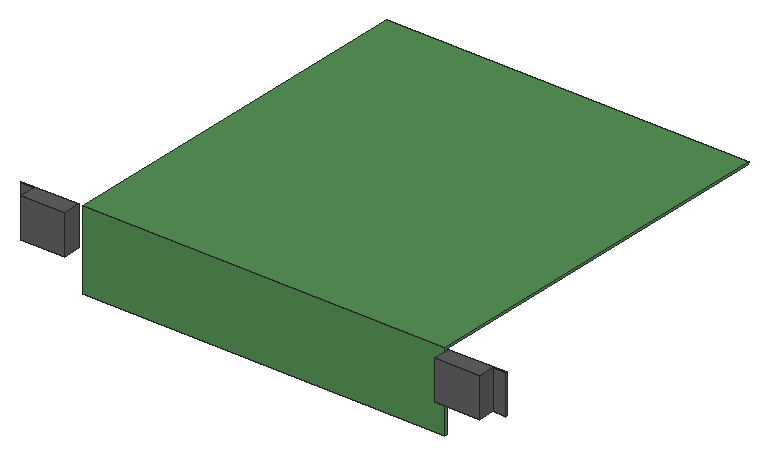
Revit family "HHC", category Specialty Equipment, host Floor, Revit 2015
Parameters (values of type "7x8")
  URL = "http://kelleyentrematic.com/"
  Model = "HHC"
  Manufacturer = "Kelley Entrematic"
  Description = "Hydraulic Heavy Capacity Leveler"
  LipExtension = 0' - 0"
  PitWidth = 7' - 1"
  PitLength = 7' - 3"
  PitDepthR = PitDepth - 0' 0 1/2"  # 1' - 11 1/2"
  PitDepth = 2' - 0"
  LipLength = 1' - 6"
  Curb = 0' - 3"
  Capacity = "60/80k"
Types (24): name | LipExtension | PitWidth | PitLength
  6x6 | 0' - 0" | 6' - 1" | 5' - 3"
  6x8 | 0' - 0" | 6' - 1" | 7' - 3"
  6.5x6 | 0' - 0" | 6' - 7" | 5' - 3"
  6.5x8 | 0' - 0" | 6' - 7" | 7' - 3"
  7x6 | 0' - 0" | 7' - 1" | 5' - 3"
  7x8 | 0' - 0" | 7' - 1" | 7' - 3"
  6x10 | 0' - 0" | 6' - 1" | 9' - 3"
  6.5x10 | 0' - 0" | 6' - 7" | 9' - 3"
  7x10 | 0' - 0" | 7' - 1" | 9' - 3"
  6x10 Barrier Lip | 0' - 5" | 6' - 1" | 9' - 3"
  6.5x10 Barrier Lip | 0' - 5" | 6' - 7" | 9' - 3"
  7x10 Barrier Lip | 0' - 5" | 7' - 1" | 9' - 3"
  6x6 Barrier Lip | 0' - 5" | 6' - 1" | 5' - 3"
  6.5x6 Barrier Lip | 0' - 5" | 6' - 7" | 5' - 3"
  7x6 Barrier Lip | 0' - 5" | 7' - 1" | 5' - 3"
  6x8 Barrier Lip | 0' - 5" | 6' - 1" | 7' - 3"
  6.5x8 Barrier Lip | 0' - 5" | 6' - 7" | 7' - 3"
  7x8 Barrier Lip | 0' - 5" | 7' - 1" | 7' - 3"
  6.5x12 | 0' - 0" | 6' - 7" | 11' - 3"
  6.5x12 Barrier Lip | 0' - 0" | 6' - 7" | 11' - 3"
  6x12 | 0' - 0" | 6' - 1" | 11' - 3"
  6x12 Barrier Lip | 0' - 5" | 6' - 1" | 11' - 3"
  7x12 | 0' - 0" | 7' - 1" | 11' - 3"
  7x12 Barrier Lip | 0' - 5" | 7' - 1" | 11' - 3"
Reference planes (in)
  plane 1 "Center (Front/Back)": y = 0
  plane 2: z = 0
  plane 3 "Center (Left/Right)": x = 0
  plane 4 "Lip Width": y = -59.5
  plane 5 "pit right": x = 42.5
  plane 6 "Pit left": x = -42.5
  plane 7 "pit rear": y = 27
  plane 8 "curb angle left": x = -45.5
  plane 9: x = -41.5
  plane 10 "curb angle right": x = 45.5
  plane 11: x = 41.5
  plane 12 "curb angle rear": y = 30
  plane 13 "Curb angle - Front": y = -57
  plane 14 "Edge of Dock": y = -60
  plane 15: z = -0.5
  plane 16: z = -23.5
  plane 17: z = -24
  plane 18: y = 15
  plane 19: y = -48
  plane 20 "Lip Length": z = -18
  plane 21: x = 63.5
  plane 22: x = -63.5
  plane 23: z = -3
  plane 24: z = -27
  plane 25: z = 0
  plane 26: z = 0
  plane 27: z = -12
  plane 28: x = 14
  plane 29: x = -52.625
  plane 30: x = -55.625
  plane 31: y = -60.25
  plane 32: y = -64
  plane 33: x = 52.625
  plane 34: x = 55.625
  plane 35: z = -9
Forms (in)
  Extrusion 1, void
    sketch origin (0, 0, 0) x (0, 1, 0) y (0, 0, 1)
      loop
        line (27, 0) -> (-60, 0) -> (-60, -24) -> (-48, -24) -> (15, -23.5) -> (27, -23.5) -> (27, 0)
    from -42.5 to 42.5
  Extrusion 2, solid, material "Kelley Diamond"
    sketch origin (0, 0, 0) x (1, 0, 0) y (0, 1, 0)
      loop
        line (-41.5, 27) -> (-41.5, -60) -> (41.5, -60) -> (41.5, 27) -> (-41.5, 27)
    from -0.5 to 0
  Extrusion 3, solid, material "Kelley Diamond"
    sketch origin (0, 0, 0) x (1, 0, 0) y (0, 0, 1)
      loop
        line (-41.5, 0) -> (-41.5, -18) -> (41.5, -18) -> (41.5, 0) -> (-41.5, 0)
    from 59.5 to 60
  Extrusion 4, solid, material "BUMPER"
    sketch origin (0, 0, 0) x (-1, 0, 0) y (0, -1, 0)
      loop
        line (42.5, 60) -> (55.625, 60) -> (55.625, 60.25) -> (52.625, 60.25) -> (52.625, 64) -> (42.5, 64) -> (42.5, 60)
      loop
        line (-42.5, 60) -> (-42.5, 64) -> (-52.625, 64) -> (-52.625, 60.25) -> (-55.625, 60.25) -> (-55.625, 60) -> (-42.5, 60)
    from -9 to 0
Cuts and joins
  joined: Extrusion 2, Extrusion 3
Lines and regions (in)
  model lines
    curve 1: line (-45.5, 30, 0) -> (45.5, 30, 0)
    curve 2: line (45.5, 30, 0) -> (45.5, 27, 0)
    curve 3: line (45.5, 27, 0) -> (-45.5, 27, 0)
    curve 4: line (-45.5, 27, 0) -> (-45.5, 30, 0)
    curve 5: line (-45.5, 27, 0) -> (-45.5, -57, 0)
    curve 6: line (-42.5, -57, 0) -> (-42.5, 27, 0)
    curve 7: line (-42.5, -57, 0) -> (-63.5, -57, 0)
    curve 8: line (-63.5, -57, 0) -> (-63.5, -60, 0)
    curve 9: line (-63.5, -60, 0) -> (-42.5, -60, 0)
    curve 10: line (45.5, 27, 0) -> (45.5, -57, 0)
    curve 11: line (42.5, -57, 0) -> (42.5, 27, 0)
    curve 12: line (42.5, -60, 0) -> (63.5, -60, 0)
    curve 13: line (63.5, -60, 0) -> (63.5, -57, 0)
    curve 14: line (63.5, -57, 0) -> (42.5, -57, 0)
    curve 15: line (-63.5, -60, 0) -> (-63.5, -60, -3)
    curve 16: line (-63.5, -60, -3) -> (-42.5, -60, -3)
    curve 17: line (-42.5, -60, -3) -> (-42.5, -60, 0)
    curve 18: line (-45.5, -60, -3) -> (-45.5, -60, -27)
    curve 19: line (-45.5, -60, -24) -> (-42.5, -60, -24)
    curve 20: line (-45.5, -60, -27) -> (45.5, -60, -27)
    curve 21: line (45.5, -60, -27) -> (45.5, -60, -3)
    curve 22: line (42.5, -60, -24) -> (45.5, -60, -24)
    curve 23: line (42.5, -60, -24) -> (42.5, -60, 0)
    curve 24: line (42.5, -60, -3) -> (63.5, -60, -3)
    curve 25: line (63.5, -60, -3) -> (63.5, -60, 0)
    curve 26: line (-42.5, -60, -3) -> (-42.5, -60, -24)
    curve 27: line (-42.5, -60, -24) -> (42.5, -60, -24)
    curve 28: line (-42.5, -57, 0) -> (-42.5, -60, 0)
    curve 29: line (42.5, -57, 0) -> (42.5, -60, 0)
Dimensions and locks (in)
  equal spacing: host sketch curve, plane 1 "Center (Front/Back)", host sketch curve
  equal spacing: host sketch curve, plane 3 "Center (Left/Right)", host sketch curve
  host sketch curve to host sketch curve = 10' - 0"  (x2)
  equal spacing: plane 6 "Pit left", plane 3 "Center (Left/Right)", plane 5 "pit right"
  "PitWidth": plane 6 "Pit left" to plane 5 "pit right"
  "PitLength": plane 14 "Edge of Dock" to plane 7 "pit rear"
  "Curb": plane 8 "curb angle left" to plane 6 "Pit left"
  locked: plane 6 "Pit left" to plane 9 at 1
  locked: plane 11 to plane 5 "pit right" at 1
  "Curb": plane 5 "pit right" to plane 10 "curb angle right"
  "Curb": plane 7 "pit rear" to plane 12 "curb angle rear"
  "Curb": plane 14 "Edge of Dock" to plane 13 "Curb angle - Front"
  "PitDepthR": level to plane 16
  "PitDepth": level to plane 17
  locked: plane 7 "pit rear" to plane 18 at 12
  locked: plane 19 to plane 14 "Edge of Dock" at 12
  "LipLength": level to plane 20 "Lip Length"
  locked: plane 22 to plane 6 "Pit left" at 21
  locked: plane 5 "pit right" to plane 21 at 21
  "LipExtension": plane 26 to level
  locked: plane 24 to plane 17 at 3
  locked: level to plane 15 at 0.5
  locked: plane 14 "Edge of Dock" to plane 4 "Lip Width" at 0.5
  locked: plane 3 "Center (Left/Right)" to plane 28 at 14
  locked: level to plane 27 at 12
  locked: connector elem to plane 7 "pit rear" at 9
  locked: plane 16 to connector elem at 5
  locked: plane 31 to curve 9 at 0.25
  locked: plane 32 to curve 9 at 4
  locked: plane 29 to plane 6 "Pit left" at 10.125
  locked: plane 30 to plane 6 "Pit left" at 13.125
  locked: plane 5 "pit right" to plane 33 at 10.125
  locked: plane 5 "pit right" to plane 34 at 13.125
  locked: curve 9 to plane 35 at 9
  aligned and locked: level to plane 2
  aligned and locked: plane 14 "Edge of Dock" to host floor
  aligned and locked: plane 19 to Extrusion 1 sketch curve
  aligned and locked: plane 16 to Extrusion 1 sketch curve
  aligned and locked: Extrusion 1 sketch curve to plane 18
  aligned and locked: plane 17 to Extrusion 1 sketch curve
  aligned and locked: Extrusion 1 sketch curve to plane 14 "Edge of Dock"
  aligned and locked: Extrusion 1 to plane 6 "Pit left"
  aligned and locked: Extrusion 1 to plane 5 "pit right"
  aligned and locked: plane 7 "pit rear" to Extrusion 2 sketch curve
  aligned and locked: Extrusion 2 sketch curve to plane 9
  aligned and locked: Extrusion 2 sketch curve to plane 14 "Edge of Dock"
  aligned and locked: Extrusion 2 to plane 15
  aligned and locked: level to Extrusion 2
  aligned and locked: Extrusion 3 sketch curve to Extrusion 2
  aligned and locked: plane 20 "Lip Length" to Extrusion 3 sketch curve
  aligned and locked: Extrusion 3 sketch curve to plane 11
  aligned and locked: Extrusion 3 to plane 14 "Edge of Dock"
  aligned and locked: Extrusion 3 to plane 4 "Lip Width"
  aligned and locked: Extrusion 2 sketch curve to plane 11
  aligned and locked: curve 7 to plane 13 "Curb angle - Front"
  aligned and locked: curve 8 to plane 22
  aligned and locked: curve 5 to plane 8 "curb angle left"
  aligned and locked: plane 6 "Pit left" to curve 6
  aligned and locked: curve 3 to plane 7 "pit rear"
  aligned and locked: plane 12 "curb angle rear" to curve 1
  aligned and locked: curve 2 to plane 10 "curb angle right"
  aligned and locked: plane 5 "pit right" to curve 11
  aligned and locked: curve 10 to plane 10 "curb angle right"
  aligned and locked: curve 14 to plane 13 "Curb angle - Front"
  aligned and locked: plane 14 "Edge of Dock" to curve 12
  aligned and locked: curve 13 to plane 21
  aligned and locked: plane 24 to curve 18
  aligned and locked: curve 16 to plane 23
  aligned and locked: curve 15 to plane 22
  aligned and locked: plane 6 "Pit left" to curve 17
  aligned and locked: curve 22 to plane 5 "pit right"
  aligned and locked: curve 21 to plane 10 "curb angle right"
  aligned and locked: curve 22 to plane 17
  aligned and locked: curve 25 to plane 21
  aligned and locked: curve 19 to curve 27
  aligned and locked: curve 9 to plane 14 "Edge of Dock"
  aligned and locked: plane 26 to Extrusion 3 sketch curve
  aligned and locked: plane 23 to curve 24
  aligned and locked: plane 24 to curve 20
  aligned and locked: cut or joined group of Extrusion 2, Extrusion 3 to plane 7 "pit rear"
  aligned and locked: Extrusion 4 sketch curve to curve 9
  aligned and locked: Extrusion 4 sketch curve to plane 29
  aligned and locked: Extrusion 4 sketch curve to plane 31  (x2)
  aligned and locked: Extrusion 4 sketch curve to plane 30
  aligned and locked: plane 32 to Extrusion 4 sketch curve
  aligned and locked: Extrusion 4 sketch curve to plane 6 "Pit left"
  aligned and locked: plane 33 to Extrusion 4 sketch curve
  aligned and locked: Extrusion 4 sketch curve to plane 34
  aligned and locked: Extrusion 4 sketch curve to plane 32
  aligned and locked: Extrusion 4 sketch curve to curve 12
  aligned and locked: Extrusion 4 sketch curve to plane 5 "pit right"
  aligned and locked: plane 35 to Extrusion 4
  aligned and locked: level to Extrusion 4
Automatic sketch dimensions
  Extrusion 1 sketch curve to level = 0' - 0"
  Extrusion 1 sketch curve to plane 7 "pit rear" = 0' - 0"
  plane 8 "curb angle left" to curve 20 = 0' - 0"
  curve 25 to level = 0' - 0"
  plane 21 to curve 25 = 0' - 0"
  curve 27 to plane 17 = 0' - 0"
  curve 16 to plane 23 = 0' - 0"
  curve 23 to level = 0' - 0"
  curve 17 to level = 0' - 0"
  curve 15 to level = 0' - 0"
Connectors (in)
  electrical at (42.5, 18, -18.5)
    settings: on plane 5 "pit right", index 1, voltage 120 V, apparent load 0 VA, apparent load phase1 0 VA, apparent load phase2 0 VA, apparent load phase3 0 VA, power factor 1, load classification "Other", number of poles 1, system type 31, power factor state 1, is connector primary yes, connector utility no, sub classification motor no, connector description ""
